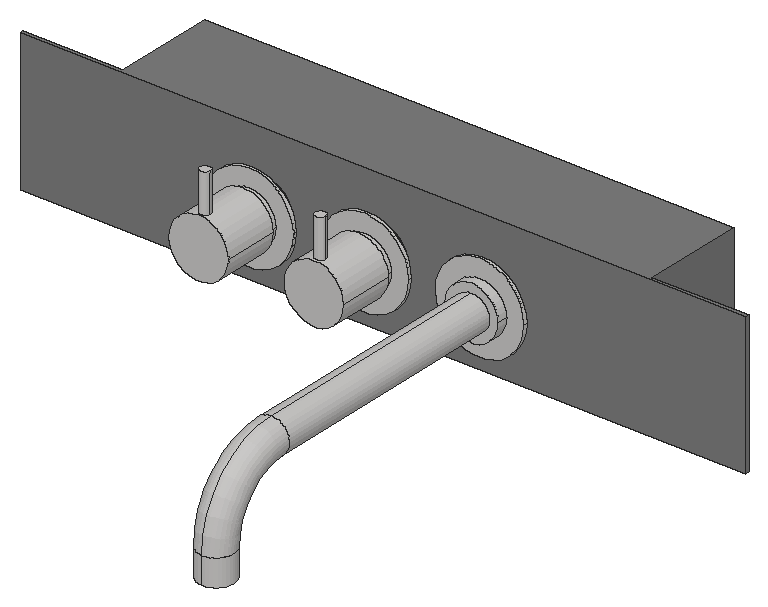
Revit family "621C", category Plumbing Fixtures, Revit 2021
Family settings
  Round Connector Dimension = Use Diameter
  Part Type = Normal
  Work Plane-Based = No
  Always vertical = Yes
  Cut with Voids When Loaded = No
  Shared = No
  Room Calculation Point = No
Parameters
  e-mail = "info@vola.com"
  URL = "http://vola.com"
  Telephone = "+45 7023 5500"
  Quality management standard = "ISO 9001"
  Organisation no. / DUNS no. = "17531328"
  Occupational health and safety management standard = "ISO 18001"
  Mounting Instructions = "http://vola.com/service/producturl.ashx?name=621C"
  Model = "621C"
  Mixer Offset [instance] = 12.00 mm
  Mixer = yes
  Materials and components information = "http://vola.com/service/producturl.ashx?name=621C"
  Manufacturer = "VOLA A/S"
  Maintenance Instructions = "http://vola.com/service/producturl.ashx?name=621C"
  Guarantee = "2 years"
  Flow = "30,00 l/min"
  Environmental management standard = "ISO 14000"
  Default Elevation = 0.00 mm
  Connection - All relevant connections = "½\" for water connection"
  Approvals = "http://vola.com/service/producturl.ashx?name=621C"
Reference planes
  plane 1 "Center (Front/Back)": y = 0
  plane 2: z = 0
  plane 3 "Center (Left/Right)": x = 0
  plane 4 "Mixer plane": y = 12
  plane 5 "Wall Surface": y = 0
Forms (mm)
  Extrusion 1, solid, material "Stainless Steel", visible <- "Mixer"
    sketch origin (-39, 12, -609.6) x (0, 0, -1) y (-1, 0, 0)
      loop
        circle (-609.6, 39) r 18
    from 0 to -12
  Extrusion 2, solid, material "Stainless Steel", visible <- "Mixer"
    sketch origin (-39, 12, -609.6) x (0, 0, -1) y (-1, 0, 0)
      loop
        circle (-609.6, -39) r 17
    from 0 to -12
  Extrusion 3, solid, material "Stainless Steel", visible <- "Mixer"
    sketch origin (-117, 12, -609.6) x (0, 0, -1) y (-1, 0, 0)
      loop
        circle (-609.6, 39) r 18
    from 0 to -12
Dimensions and locks
  "Mixer Offset": plane 4 "Mixer plane" to plane 1 "Center (Front/Back)"
  aligned and locked: plane 2 to level
  aligned and locked: plane 1 "Center (Front/Back)" to Extrusion 1
  aligned and locked: plane 1 "Center (Front/Back)" to Extrusion 2
  aligned and locked: nested 2 to plane 4 "Mixer plane"
  aligned and locked: plane 1 "Center (Front/Back)" to Extrusion 3
Automatic sketch dimensions
  Extrusion 1 sketch curve to level = 0.00 mm
  Extrusion 1 sketch curve to plane 3 "Center (Left/Right)" = 78.00 mm
  Extrusion 2 sketch curve to level = 0.00 mm
  Extrusion 2 sketch curve to plane 3 "Center (Left/Right)" = 0.00 mm
  Extrusion 3 sketch curve to level = 0.00 mm
  Extrusion 3 sketch curve to plane 3 "Center (Left/Right)" = 156.00 mm
  radius of Extrusion 1 sketch curve = 18.00 mm
  radius of Extrusion 2 sketch curve = 17.00 mm
  radius of Extrusion 3 sketch curve = 18.00 mm
Nested families
  nested 1: "001" at (0, 0, 0) x (1, 0, 0) z (0, -1, 0), type "001"
  nested 2: "600" at (-117, 83.5, -55), visible <- "Mixer", type "600"
  nested 3: "020C" at (0, -2, 0), type "020C"
  nested 4: "NR17" at (-78, -2, 0), type "NR17"
  nested 5: "NR17" at (-156, -2, 0), type "NR17"
  nested 6: "001" at (-78, 0, 0) x (1, 0, 0) z (0, -1, 0), type "001"
  nested 7: "001" at (-156, 0, 0) x (1, 0, 0) z (0, -1, 0), type "001"
Connectors
  piping at (-156, 60, -55), diameter 28
    settings: on nested 2, index 1, connector inside diameter 1.10236", connector length 0.00 mm, flow factor 0, pipe flow 0 GPM, pressure drop 0.00 psi, fitting loss kfactor 0, connector angle 0.00°, fixture units 0, engagement length 0.00 mm, angle of deflection 0.00°, flow configuration 0, flow direction 1, fitting loss method 0, system type 19, joint type 0, gender type 0, connector reference index -1, connector utility 0, adjustable connector no, is connector primary yes, connector description ""
  piping at (-78, 60, -55), diameter 28
    settings: on nested 2, index 2, connector inside diameter 1.10236", connector length 0.00 mm, flow factor 0, pipe flow 0 GPM, pressure drop 0.00 psi, fitting loss kfactor 0, connector angle 0.00°, fixture units 0, engagement length 0.00 mm, angle of deflection 0.00°, flow configuration 0, flow direction 1, fitting loss method 0, system type 20, joint type 0, gender type 0, connector reference index -1, connector utility 0, adjustable connector no, is connector primary no, connector description ""
Definition of nested family "001"
  Parameters
    e-mail = "info@vola.com"
    URL = "http://vola.com"
    Telephone = "+45 7023 5500"
    Quality management standard = "ISO 9001"
    Organisation no. / DUNS no. = "17531328"
    Occupational health and safety management standard = "ISO 18001"
    Mounting Instructions = "http://vola.com/service/producturl.ashx?name=001"
    Model = "001"
    Materials and components information = "http://vola.com/service/producturl.ashx?name=001"
    Manufacturer = "VOLA A/S"
    Maintenance Instructions = "http://vola.com/service/producturl.ashx?name=001"
    Guarantee = "2 years"
    Environmental management standard = "ISO 14000"
    Default Elevation = 1219.20 mm
    Connection - All relevant connections = ""
    Approvals = "http://vola.com/service/producturl.ashx?name=001"
  Reference planes
    plane 1 "Center (Front/Back)": y = 0
    plane 2: z = 0
    plane 3 "Center (Left/Right)": x = 0
  Forms (mm)
    Extrusion 1, solid
      sketch origin (0, 0, 0) x (1, 0, 0) y (0, 1, 0)
        loop
          circle (0, 0) r 16.5
        loop
          circle (0, 0) r 30
      from 0 to 2
  Dimensions and locks
    aligned and locked: plane 2 to level
Definition of nested family "600"
  Parameters
    e-mail = "info@vola.com"
    URL = "http://vola.com"
    Telephone = "+45 7023 5500"
    Quality management standard = "ISO 9001"
    Organisation no. / DUNS no. = "17531328"
    Occupational health and safety management standard = "ISO 18001"
    Mounting Instructions = "http://vola.com/service/producturl.ashx?name=600"
    Model = "600"
    Materials and components information = "http://vola.com/service/producturl.ashx?name=600"
    Manufacturer = "VOLA A/S"
    Maintenance Instructions = "http://vola.com/service/producturl.ashx?name=600"
    Guarantee = "2 years"
    Flow = "65,00 l/min"
    Environmental management standard = "ISO 14000"
    Default Elevation = 0.00 mm
    Connection - All relevant connections = ""
    Approvals = "http://vola.com/service/producturl.ashx?name=600"
  Reference planes
    plane 1 "Center (Front/Back)": y = 0
    plane 2: z = 0
    plane 3 "Center (Left/Right)": x = 0
    plane 4 "Front Plane": y = -71.5
    plane 5 "Inlet Center Plane": y = -23.5
    plane 6: z = 55
  Forms (mm)
    Extrusion 1, solid
      sketch origin (0, 0, -14) x (1, 0, 0) y (0, 1, 0)
        loop
          line (-137.5, 0) -> (-137.5, -69) -> (220.5, -69) -> (220.5, 0) -> (-137.5, 0)
      from 21.5 to 116.5
    Extrusion 2, solid
      sketch origin (51, 1.5, 7.5) x (0, 1, 0) y (1, 0, 0)
        loop
          circle (-25, -12) r 14
      from 0 to 7.5
    Extrusion 3, solid
      sketch origin (0, -1, -14) x (1, 0, 0) y (0, 1, 0)
        loop
          line (-205, -68) -> (-205, -70.5) -> (285.5, -70.5) -> (285.5, -68) -> (-205, -68)
      from 21.5 to 116.5
    Extrusion 4, solid
      sketch origin (-27, 1.5, 7.5) x (0, 1, 0) y (1, 0, 0)
        loop
          circle (-25, -12) r 14
      from 0 to 7.5
  Cuts and joins
    joined: Extrusion 1, Extrusion 3
  Lines and regions (mm)
    reference lines
      curve 1: line (-39, -23.5, 55) -> (-39, -111.5, 55)
      curve 2: line (39, -23.5, 55) -> (39, -109.5, 55)
      curve 3: line (39, -23.5, 55) -> (39, -23.5, -44)
      curve 4: line (-39, -23.5, 55) -> (-39, -23.5, -44)
      curve 5: line (117, -25.5, 55) -> (117, -111.5, 55)
      curve 6: line (117, -38, 55) -> (117, -38, 154)
      curve 7: line (117, -38, 55) -> (117, -38, -44)
  Dimensions and locks
    aligned and locked: plane 2 to level
    aligned and locked: plane 6 to curve 3
    aligned and locked: Extrusion 1 to Extrusion 3
    aligned and locked: Extrusion 3 to Extrusion 1
Definition of nested family "020C"
  Parameters
    e-mail = "info@vola.com"
    URL = "http://vola.com"
    Telephone = "+45 7023 5500"
    Quality management standard = "ISO 9001"
    Organisation no. / DUNS no. = "17531328"
    Occupational health and safety management standard = "ISO 18001"
    Mounting Instructions = "http://vola.com/service/producturl.ashx?name=020C"
    Model = "020C"
    Materials and components information = "http://vola.com/service/producturl.ashx?name=020C"
    Manufacturer = "VOLA A/S"
    Maintenance Instructions = "http://vola.com/service/producturl.ashx?name=020C"
    Guarantee = "2 years"
    Environmental management standard = "ISO 14000"
    Default Elevation = 0.00 mm
    Connection - All relevant connections = ""
    Approvals = "http://vola.com/service/producturl.ashx?name=020C"
  Reference planes
    plane 1 "Center (Front/Back)": y = 0
    plane 2: z = 0
    plane 3 "Center (Left/Right)": x = 0
  Forms (mm)
    Extrusion 1, solid
      sketch origin (0, 0, 0) x (1, 0, 0) y (0, 0, 1)
        loop
          circle (0, 0) r 18
      from 0 to 7
    Sweep 2, solid
      path origin (0, 0, 0) x (0, 1, 0) y (0, 0, 1)
        loop
          arc (-223, -47) -> (-209.234, -13.766) -> (-176, 0) r 47
          line (-176, 0) -> (-7, 0)
      profile origin (0, -91.5, 0) x (0, 0, 1) y (1, 0, 0)
        loop
          circle (0, 0) r 12
    Extrusion 3, solid
      sketch origin (0, -223, -47) x (1, 0, 0) y (0, -1, 0)
        loop
          circle (0, 0) r 12
      from 0 to 18
  Dimensions and locks
    aligned and locked: plane 2 to level
Definition of nested family "NR17"
  Parameters
    e-mail = "info@vola.com"
    URL = "http://vola.com"
    Telephone = "+45 7023 5500"
    Quality management standard = "ISO 9001"
    Organisation no. / DUNS no. = "17531328"
    Occupational health and safety management standard = "ISO 18001"
    Mounting Instructions = "http://vola.com/service/producturl.ashx?name=NR17"
    Model = "NR17"
    Materials and components information = "http://vola.com/service/producturl.ashx?name=NR17"
    Manufacturer = "VOLA A/S"
    Maintenance Instructions = "http://vola.com/service/producturl.ashx?name=NR17"
    Guarantee = "2 years"
    Environmental management standard = "ISO 14000"
    Default Elevation = 0.00 mm
    Connection - All relevant connections = ""
    Approvals = "http://vola.com/service/producturl.ashx?name=NR17"
  Reference planes
    plane 1 "Center (Front/Back)": y = 0
    plane 2: z = 0
    plane 3 "Center (Left/Right)": x = 0
  Forms (mm)
    Extrusion 1, solid
      sketch origin (0, 0, 0) x (1, 0, 0) y (0, 0, 1)
        loop
          circle (0, 0) r 20
      from 5 to 42.5
    Extrusion 2, solid
      sketch origin (0, -2.75, 0) x (0, -1, 0) y (1, 0, 0)
        loop
          circle (34.5, 0) r 3.5
      from 19 to 45.5
    Extrusion 3, solid
      sketch origin (0, 0, 0) x (1, 0, 0) y (0, 0, 1)
        loop
          circle (0, 0) r 18
      from 0 to 5
  Cuts and joins
    joined: Extrusion 1, Extrusion 2
  Dimensions and locks
    aligned and locked: plane 2 to level
